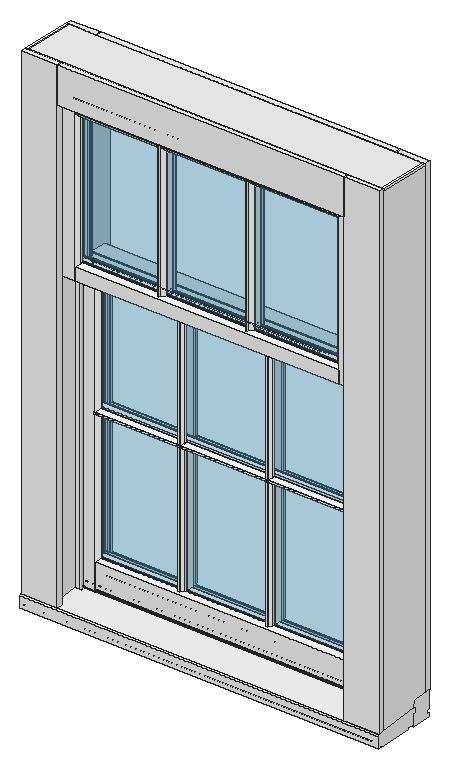
Revit family "B1-36", category Generic Models, Revit 2012
Parameters (values of type "Window Sill drawing")
  Width = 1600 mm
  Height = 1250 mm
  GlazingPanelMaterial = Glass
  Floor Material = White
Reference planes
  plane 1 "Center (Front/Back)": y = 0
  plane 2: z = 0
  plane 3 "Center (Left/Right)": x = 104
  plane 4: z = 1397
  plane 5: x = -800
  plane 6: y = -21.25
  plane 7: y = 152.75
  plane 8: x = -669
  plane 9: y = -21.25
  plane 10: z = 901.52
  plane 11: z = 857.52
  plane 12: z = 1297
  plane 13: z = 1311
  plane 14: z = 33
  plane 15: z = 1315
  plane 16: z = 68
  plane 17: x = 204
  plane 18: x = -431.5
  plane 19: x = -184.921
  plane 20: z = -98.018
  plane 21: y = 110
  plane 22: y = 110
  plane 23: y = 110
  plane 24: y = 110
  plane 25: y = 110
  plane 26: y = 110
  plane 27: x = -699.921
  plane 28: x = 73
  plane 29: x = 718
  plane 30: z = 1397
  plane 31: y = 110
  plane 32: y = 110
  plane 33: y = 110
  plane 34: z = 484
  plane 35: z = 1266.938
Forms (mm)
  Extrusion 1, solid, material "White" <- "Floor Material"
    sketch origin (250, 0, 589.815) x (0, 1, 0) y (0, 0, 1)
      loop
        arc (117, 270.705) -> (122.657, 273.048) -> (125, 278.705) r 8
        line (125, 278.705) -> (128, 278.705) -> (128, 283.705) -> (109, 283.705) -> (109, 271.705) -> (112, 271.705) -> (113, 267.705) -> (117, 267.705) -> (117, 270.705)
      loop
        line (105, 279.705) -> (89, 279.705) -> (89, 269.705) -> (105, 269.705) -> (105, 279.705)
      loop
        line (60, 267.705) -> (60, 292.705) -> (54, 292.705) -> (54, 295.705) -> (12, 295.705) -> (12, 311.705) -> (10, 311.705) -> (0, 301.705) -> (0, 267.705) -> (30.175, 267.705) -> (60, 267.705)
      loop
        line (34, 309.705) -> (18, 309.705) -> (18, 299.705) -> (34, 299.705) -> (34, 309.705)
      loop
        arc (55.288, 295.324) -> (54.288, 294.324) -> (55.288, 293.324) r 1
        line (55.288, 293.324) -> (62.788, 293.324) -> (62.788, 297.293) -> (64.844, 294.482)
        arc (64.844, 294.482) -> (66.157, 294.583) -> (66.259, 295.896) r 1.012
        line (66.259, 295.896) -> (63.273, 299.978)
        arc (63.273, 299.978) -> (61.783, 300.502) -> (60.758, 299.3) r 1.396
        line (60.758, 299.3) -> (60.758, 295.324) -> (55.288, 295.324)
    from -917.922 to -178.078
  Extrusion 2, solid, material "White" <- "Floor Material"
    sketch origin (1015, 13.291, 537.009) x (0, 1, 0) y (0, 0, 1)
      loop
        line (69.709, 336.511) -> (96.209, 336.511) -> (96.209, 364.511) -> (50.709, 364.511) -> (50.709, 359.511) -> (52.709, 349.511) -> (57.709, 349.511) -> (57.709, 339.968) -> (63.93, 339.968) -> (63.93, 336.511) -> (57.709, 336.511) -> (57.709, 320.511) -> (69.709, 320.511) -> (69.709, 336.511)
      loop
        line (53.709, 320.511) -> (53.709, 325.511) -> (51.709, 335.511) -> (46.709, 335.511) -> (46.709, 320.511) -> (53.709, 320.511)
      loop
        line (46.709, 364.511) -> (28.709, 364.511) -> (27.709, 360.511) -> (24.709, 360.511) -> (24.709, 348.511) -> (46.709, 348.511) -> (46.709, 364.511)
      loop
        arc (62.654, 337.524) -> (63.654, 338.524) -> (62.654, 339.524) r 1
        line (62.654, 339.524) -> (55.154, 339.524) -> (55.154, 335.554) -> (53.097, 338.366)
        arc (53.097, 338.366) -> (51.784, 338.265) -> (51.683, 336.952) r 1.012
        line (51.683, 336.952) -> (54.669, 332.87)
        arc (54.669, 332.87) -> (56.159, 332.346) -> (57.183, 333.548) r 1.396
        line (57.183, 333.548) -> (57.183, 337.524) -> (62.654, 337.524)
    from -1688.922 to -942
  Extrusion 3, solid, material "White" <- "Floor Material"
    sketch origin (865, 123.171, 550.733) x (0, 1, 0) y (0, 0, 1)
      loop
        line (-14.171, 306.296) -> (-10.171, 306.787) -> (-11.171, 310.787) -> (-14.171, 310.787) -> (-14.171, 306.296)
      loop
        line (-38.171, 306.542) -> (-38.171, 309.542) -> (-40.171, 309.787) -> (-40.171, 306.787) -> (-38.171, 306.542)
      loop
        line (-85.171, 351.278) -> (-85.171, 346.787) -> (-82.171, 346.787) -> (-81.171, 350.787) -> (-85.171, 351.278)
      loop
        line (-111.171, 347.787) -> (-109.171, 348.033) -> (-109.171, 351.033) -> (-111.171, 350.787) -> (-111.171, 347.787)
    from -1534 to -792
  Extrusion 4, solid, material "Glass" <- "GlazingPanelMaterial"
    sketch origin (150, 64.106, 220.533) x (0, 1, 0) y (0, 0, 1)
      loop
        line (44.88, -103.528) -> (44.88, 652.987) -> (40.88, 652.987) -> (40.88, -103.528) -> (44.88, -103.528)
      loop
        line (24.88, 652.987) -> (20.88, 652.987) -> (20.88, -103.528) -> (24.88, -103.528) -> (24.88, 652.987)
    from -819 to -88.078
  Extrusion 5, solid, material "White" <- "Floor Material"
    sketch origin (761.418, 125.498, 896.719) x (0, -0.121869, -0.992546) y (0, 0.992546, -0.121869)
      loop
        line (28.327, -57.65) -> (23.969, -54.354)
        arc (23.969, -54.354) -> (22.506, -54.612) -> (22.765, -56.075) r 1.05
        line (22.765, -56.075) -> (26.332, -58.837)
        arc (26.332, -58.837) -> (26.584, -59.776) -> (25.835, -60.396) r 0.9
        line (25.835, -60.396) -> (19.693, -61.15)
        arc (19.693, -61.15) -> (19.162, -61.383) -> (18.989, -61.936) r 0.7
        line (18.989, -61.936) -> (19.197, -63.633) -> (19.712, -64.398) -> (20.1, -67.562) -> (19.196, -66.76) -> (19.293, -67.554) -> (20.152, -68.225) -> (20.951, -68.183) -> (23.094, -67.324) -> (22.996, -66.53) -> (20.532, -66.978) -> (20.205, -64.315)
        arc (20.205, -64.315) -> (20.389, -63.651) -> (20.989, -63.312) r 0.9
        line (20.989, -63.312) -> (28.761, -62.358)
        arc (28.761, -62.358) -> (29.205, -62.1) -> (29.324, -61.601) r 0.65
        line (29.324, -61.601) -> (28.752, -58.33)
        arc (28.752, -58.33) -> (28.631, -57.932) -> (28.327, -57.65) r 0.798
    from -1430.418 to -1181
  Extrusion 6, solid, material "White" <- "Floor Material"
    sketch origin (911.418, 126.532, 897.954) x (0, -0.121869, -0.992546) y (0, 0.992546, -0.121869)
      loop
        arc (25.38, -55.148) -> (23.778, -55.428) -> (24.057, -57.03) r 1.15
        line (24.057, -57.03) -> (27.62, -59.789)
        arc (27.62, -59.789) -> (27.84, -60.623) -> (27.175, -61.172) r 0.8
        line (27.175, -61.172) -> (20.939, -61.931)
        arc (20.939, -61.931) -> (20.405, -62.232) -> (20.241, -62.823) r 0.8
        line (20.241, -62.823) -> (20.45, -64.52) -> (20.968, -65.312) -> (21.339, -68.337) -> (20.548, -67.635) -> (20.645, -68.429) -> (21.504, -69.1) -> (22.303, -69.058) -> (24.446, -68.2) -> (24.348, -67.406) -> (21.983, -67.835) -> (21.657, -65.178)
        arc (21.657, -65.178) -> (21.82, -64.588) -> (22.353, -64.287) r 0.8
        line (22.353, -64.287) -> (30.127, -63.332)
        arc (30.127, -63.332) -> (30.638, -63.034) -> (30.774, -62.459) r 0.75
        line (30.774, -62.459) -> (30.244, -59.424)
        arc (30.244, -59.424) -> (30.154, -58.918) -> (29.833, -58.516) r 1.042
        line (29.833, -58.516) -> (25.38, -55.148)
    from -1580.418 to -1331
  Extrusion 7, solid, material "White" <- "Floor Material"
    sketch origin (861.418, 121.497, 909.598) x (0, -0.121869, -0.992546) y (0, 0.992546, -0.121869)
      loop
        line (37.899, -55.316) -> (32.161, -55.997)
        arc (32.161, -55.997) -> (31.827, -56.184) -> (31.724, -56.554) r 0.5
        line (31.724, -56.554) -> (32.395, -62.021) -> (31.491, -61.219) -> (31.588, -62.013) -> (32.447, -62.684) -> (33.246, -62.642) -> (35.389, -61.784) -> (35.291, -60.989) -> (32.827, -61.437) -> (32.285, -57.019)
        arc (32.285, -57.019) -> (32.428, -56.659) -> (32.772, -56.479) r 0.558
        line (32.772, -56.479) -> (37.96, -55.818)
        arc (37.96, -55.818) -> (38.179, -55.536) -> (37.899, -55.316) r 0.253
    from -1530.418 to -788.418
  Extrusion 8, solid, material "White" <- "Floor Material"
    sketch origin (-78.582, 5.502, 862.603) x (0, 0.121869, 0.992546) y (0, -0.992546, 0.121869)
      loop
        line (28.327, -57.65) -> (23.969, -54.354)
        arc (23.969, -54.354) -> (22.506, -54.612) -> (22.765, -56.075) r 1.05
        line (22.765, -56.075) -> (26.332, -58.837)
        arc (26.332, -58.837) -> (26.584, -59.776) -> (25.835, -60.396) r 0.9
        line (25.835, -60.396) -> (19.693, -61.15)
        arc (19.693, -61.15) -> (19.162, -61.383) -> (18.989, -61.936) r 0.7
        line (18.989, -61.936) -> (19.197, -63.633) -> (19.712, -64.398) -> (20.1, -67.562) -> (19.196, -66.76) -> (19.293, -67.554) -> (20.152, -68.225) -> (20.951, -68.183) -> (23.094, -67.324) -> (22.996, -66.53) -> (20.532, -66.978) -> (20.205, -64.315)
        arc (20.205, -64.315) -> (20.389, -63.651) -> (20.989, -63.312) r 0.9
        line (20.989, -63.312) -> (28.761, -62.358)
        arc (28.761, -62.358) -> (29.205, -62.1) -> (29.324, -61.601) r 0.65
        line (29.324, -61.601) -> (28.752, -58.33)
        arc (28.752, -58.33) -> (28.631, -57.932) -> (28.327, -57.65) r 0.798
    from -590.418 to 140.504
  Extrusion 9, solid, material "White" <- "Floor Material"
    sketch origin (736.418, 9.503, 849.725) x (0, 0.121869, 0.992546) y (0, -0.992546, 0.121869)
      loop
        line (37.899, -55.316) -> (32.161, -55.997)
        arc (32.161, -55.997) -> (31.827, -56.184) -> (31.724, -56.554) r 0.5
        line (31.724, -56.554) -> (32.395, -62.021) -> (31.491, -61.219) -> (31.588, -62.013) -> (32.447, -62.684) -> (33.246, -62.642) -> (35.389, -61.784) -> (35.291, -60.989) -> (32.827, -61.437) -> (32.285, -57.019)
        arc (32.285, -57.019) -> (32.428, -56.659) -> (32.772, -56.479) r 0.558
        line (32.772, -56.479) -> (37.96, -55.818)
        arc (37.96, -55.818) -> (38.179, -55.536) -> (37.899, -55.316) r 0.253
    from -1405.418 to -674.496
  Extrusion 10, solid, material "White" <- "Floor Material"
    sketch origin (815, 0, 589.815) x (0, 1, 0) y (0, 0, 1)
      loop
        line (38, 299.705) -> (12, 299.705) -> (12, 295.705) -> (38, 295.705) -> (38, 299.705)
      loop
        line (109, 283.705) -> (83, 283.705) -> (83, 279.705) -> (109, 279.705) -> (109, 283.705)
    from -1484 to -1234.582
  Extrusion 11, solid, not visible
    sketch origin (0, 0, 9.375) x (0, 1, 0) y (0, 0, 1)
      loop
        line (94.662, 311.911) -> (94.314, 312.868) -> (95.314, 312.868) -> (93.454, 317.977) -> (86.115, 317.977) -> (85.011, 317.575) -> (64.143, 317.575) -> (64.143, 311.911) -> (94.662, 311.911)
    from 0 to 250
  Extrusion 12, solid, not visible
    sketch origin (0, 0, 9.375) x (0, 1, 0) y (0, 0, 1)
      loop
        line (93.688, 317.334) -> (85.92, 317.334) -> (87.101, 312.926) -> (95.293, 312.926) -> (93.688, 317.334)
      loop
        line (91.853, 322.376) -> (91.853, 328.194)
        arc (91.853, 328.194) -> (91.424, 329.231) -> (90.388, 329.66) r 1.465
        line (90.388, 329.66) -> (71.853, 329.66) -> (71.853, 322.376) -> (91.853, 322.376)
      loop
        line (73.373, 320.598) -> (64.143, 320.598) -> (64.143, 317.575) -> (73.373, 317.575) -> (73.373, 320.598)
      loop
        line (61.169, 311.884) -> (61.169, 316.884) -> (56.169, 316.884)
        arc (56.169, 316.884) -> (53.926, 317.813) -> (52.996, 320.057) r 3.173
        line (52.996, 320.057) -> (52.996, 327.594)
        arc (52.996, 327.594) -> (53.247, 329.284) -> (54.656, 330.25) r 2.138
        line (54.656, 330.25) -> (56.493, 330.25)
        arc (56.493, 330.25) -> (57.939, 329.727) -> (58.925, 328.548) r 2.95
        line (58.925, 328.548) -> (59.306, 324.922) -> (61.24, 324.922) -> (60.612, 330.901)
        arc (60.612, 330.901) -> (59.723, 332.646) -> (57.894, 333.348) r 2.733
        line (57.894, 333.348) -> (52.423, 333.348)
        arc (52.423, 333.348) -> (50.164, 330.795) -> (49.999, 327.391) r 5.139
        line (49.999, 327.391) -> (47.957, 316.884)
        arc (47.957, 316.884) -> (49.179, 314.507) -> (49.698, 311.884) r 9.583
        line (49.698, 311.884) -> (61.169, 311.884)
    from 0 to 250
  Extrusion 13, solid, material "White" <- "Floor Material"
    sketch origin (50, -21.25, 1013.188) x (0, 1, 0) y (0, 0, 1)
      loop
        line (78.5, 268.749) -> (59.5, 268.749) -> (59.5, 256.749) -> (62.5, 256.749) -> (63.5, 252.749) -> (67.5, 252.749) -> (67.5, 255.749)
        arc (67.5, 255.749) -> (73.157, 258.092) -> (75.5, 263.749) r 8
        line (75.5, 263.749) -> (78.5, 263.749) -> (78.5, 268.749)
      loop
        line (67.534, 317.378) -> (63.288, 313.116) -> (63.101, 309.432)
        arc (63.101, 309.432) -> (63.279, 308.951) -> (63.75, 308.749) r 0.65
        line (63.75, 308.749) -> (71.582, 308.749)
        arc (71.582, 308.749) -> (72.219, 308.486) -> (72.482, 307.849) r 0.9
        line (72.482, 307.849) -> (72.482, 305.266) -> (69.639, 305.266) -> (69.639, 304.437) -> (70.5, 304.437) -> (72.582, 304.032) -> (73.5, 304.437) -> (73.5, 308.749) -> (73.4, 310.459)
        arc (73.4, 310.459) -> (73.16, 310.987) -> (72.605, 311.153) r 0.7
        line (72.605, 311.153) -> (66.417, 311.153)
        arc (66.417, 311.153) -> (65.695, 311.514) -> (65.553, 312.309) r 0.9
        line (65.553, 312.309) -> (68.938, 315.817)
        arc (68.938, 315.817) -> (69.016, 317.299) -> (67.534, 317.378) r 1.05
    from -719 to 23
  Extrusion 14, solid, material "White" <- "Floor Material"
    sketch origin (50, -21.25, 1002.251) x (0, 1, 0) y (0, 0, 1)
      loop
        line (154, 344.749) -> (154, 388.749) -> (20, 388.749) -> (20, 344.749) -> (154, 344.749)
    from -749.921 to 54
  Extrusion 15, solid, material "Glass" <- "GlazingPanelMaterial"
    sketch origin (0, -6.957, 1128.493) x (0, 1, 0) y (0, 0, 1)
      loop
        line (45.207, -226.973) -> (45.207, 138.507) -> (41.207, 138.507) -> (41.207, -226.973) -> (45.207, -226.973)
      loop
        line (24.957, 138.507) -> (20.957, 138.507) -> (20.957, -226.973) -> (24.957, -226.973) -> (24.957, 138.507)
    from -669 to 61.922
  Extrusion 16, solid, material "White" <- "Floor Material"
    sketch origin (-72.332, 95.318, 1434.485) x (0, 1, 0) y (0, 0, 1)
      loop
        line (-97.368, -115.408) -> (-98.782, -115.408) -> (-98.782, -120.691) -> (-97.368, -120.691) -> (-97.368, -119.602) -> (-97.368, -116.493) -> (-97.368, -115.408)
    from -596.668 to -347.25
  Extrusion 17, solid, material "White" <- "Floor Material"
    sketch origin (50, -21.25, 1013.188) x (0, 1, 0) y (0, 0, 1)
      loop
        line (17, 304.499) -> (13, 304.499) -> (13, 301.999) -> (17, 301.999) -> (17, 299.749) -> (20, 299.749) -> (20, 301.694) -> (19.2, 301.694) -> (19.2, 300.606) -> (17.786, 300.606) -> (17.786, 305.893) -> (19.2, 305.893) -> (19.2, 304.804) -> (20, 304.804) -> (20, 306.749) -> (17, 306.749) -> (17, 304.499)
    from -719 to 23
  Extrusion 18, solid, material "White" <- "Floor Material"
    sketch origin (50, -21.25, 1013.188) x (0, 1, 0) y (0, 0, 1)
      loop
        line (23.862, 300.393) -> (23.862, 306.074)
        spline (23.862, 306.074) -> (23.6, 305.683) -> (23.284, 305.425) -> (22.922, 305.27) -> (22.524, 305.189) -> (22.101, 305.153) -> (21.66, 305.133) -> (21.213, 305.1) -> (20.767, 305.024) -> (20.334, 304.876) -> (19.922, 304.627) -> (19.541, 304.248) -> (19.2, 303.71)
        line (19.2, 303.71) -> (19.2, 302.476)
        spline (19.2, 302.476) -> (19.558, 301.967) -> (19.948, 301.615) -> (20.362, 301.392) -> (20.792, 301.269) -> (21.23, 301.216) -> (21.669, 301.205) -> (22.099, 301.206) -> (22.515, 301.191) -> (22.906, 301.132) -> (23.267, 300.998) -> (23.588, 300.761) -> (23.862, 300.393)
    from -719 to -224
  Extrusion 19, solid, material "White" <- "Floor Material"
    sketch origin (-22.332, 36.182, 1434.485) x (0, -1, 0) y (0, 0, -1)
      loop
        line (-97.368, 115.408) -> (-97.368, 116.493) -> (-97.368, 119.602) -> (-97.368, 120.691) -> (-98.782, 120.691) -> (-98.782, 115.408) -> (-97.368, 115.408)
    from -695.605 to 95.332
  Extrusion 20, solid, material "White" <- "Floor Material"
    sketch origin (25, 152.75, 1013.188) x (0, -1, 0) y (0, 0, -1)
      loop
        spline (23.862, -300.393) -> (23.588, -300.761) -> (23.267, -300.998) -> (22.906, -301.132) -> (22.515, -301.191) -> (22.099, -301.206) -> (21.669, -301.205) -> (21.23, -301.216) -> (20.792, -301.269) -> (20.362, -301.392) -> (19.948, -301.615) -> (19.558, -301.967) -> (19.2, -302.476)
        line (19.2, -302.476) -> (19.2, -303.71)
        spline (19.2, -303.71) -> (19.541, -304.248) -> (19.922, -304.627) -> (20.334, -304.876) -> (20.767, -305.024) -> (21.213, -305.1) -> (21.66, -305.133) -> (22.101, -305.153) -> (22.524, -305.189) -> (22.922, -305.27) -> (23.284, -305.425) -> (23.6, -305.683) -> (23.862, -306.074)
        line (23.862, -306.074) -> (23.862, -300.393)
    from -694 to -444.582
  Extrusion 21, solid, material "White" <- "Floor Material"
    sketch origin (50, 234.566, 1129.409) x (0, 1, 0) y (0, 0, 1)
      loop
        line (-222.316, 137.529) -> (-220.566, 137.744) -> (-220.566, 140.529) -> (-222.316, 140.529) -> (-222.316, 137.529)
      loop
        line (-193.316, 140.529) -> (-196.316, 140.529) -> (-196.316, 136.529) -> (-192.316, 136.529) -> (-193.316, 140.529)
    from -719 to -469.582
  Extrusion 22, solid, material "White" <- "Floor Material"
    sketch origin (50, -21.25, 1002.251) x (0, 1, 0) y (0, 0, 1)
      loop
        line (174, 312.749) -> (174, 388.749) -> (20, 388.749) -> (20, 329.749) -> (15, 329.749) -> (15, 321.749) -> (20, 321.749) -> (20, 312.749) -> (83, 312.749) -> (83, 319.749) -> (91, 319.749) -> (91, 312.749) -> (174, 312.749)
    from -767.938 to 54
  Extrusion 23, solid, material "White" <- "Floor Material"
    sketch origin (-172.332, 69.685, -12.907) x (0, -1, 0) y (0, 0, -1)
      loop
        line (-28.815, -17.907) -> (-28.815, -45.907) -> (-33.815, -45.907) -> (-33.815, -60.907) -> (-28.815, -60.907) -> (92.551, -46.005)
        arc (92.551, -46.005) -> (94.432, -45.015) -> (95.185, -43.027) r 3
        line (95.185, -43.027) -> (95.185, -12.907) -> (90.185, -12.907) -> (90.185, -14.907)
        arc (90.185, -14.907) -> (87.185, -17.907) -> (84.185, -14.907) r 3
        line (84.185, -14.907) -> (84.185, -12.907) -> (-8.815, -12.907) -> (-8.815, -17.907) -> (-28.815, -17.907)
    from -627.668 to 376.332
  Extrusion 24, solid, material "White" <- "Floor Material"
    sketch origin (-172.332, 69.685, 0) x (0, -1, 0) y (0, 0, -1)
      loop
        line (-82.815, 0) -> (-82.815, -10) -> (-72.815, -10) -> (-72.815, -20) -> (-82.815, -20) -> (-82.815, -68) -> (-62.815, -68) -> (-28.815, -63.825) -> (-28.815, -58.913)
        arc (-28.815, -58.913) -> (-31.815, -55.913) -> (-28.815, -52.913) r 3
        line (-28.815, -52.913) -> (-28.815, -48) -> (-33.815, -48) -> (-33.815, -33) -> (-28.815, -33) -> (-28.815, 0) -> (-82.815, 0)
    from -627.668 to 376.332
  Extrusion 25, solid, material "White" <- "Floor Material"
    sketch origin (-172.332, 75.723, -26.266) x (0, -1, 0) y (0, 0, -1)
      loop
        line (-6.277, -76.621) -> (-17.277, -77.972) -> (-17.277, -99.936) -> (-21.277, -99.936) -> (-21.277, -139.271) -> (-7.277, -139.271) -> (-7.277, -155.271) -> (-5.277, -155.271) -> (4.723, -145.271) -> (4.723, -77.246)
        arc (4.723, -77.246) -> (3.711, -74.999) -> (1.357, -74.268) r 3
        line (1.357, -74.268) -> (-3.277, -74.837) -> (-3.277, -82.253) -> (-6.277, -82.253) -> (-6.277, -76.621)
      loop
        line (-55.277, -139.271) -> (-29.277, -139.271) -> (-29.277, -99.936) -> (-33.277, -99.936) -> (-33.277, -94.936) -> (-44.277, -96.287) -> (-44.277, -102.287) -> (-47.277, -102.287) -> (-47.277, -96.655) -> (-52.643, -97.314)
        arc (-52.643, -97.314) -> (-54.524, -98.304) -> (-55.277, -100.292) r 3
        line (-55.277, -100.292) -> (-55.277, -139.271)
    from -495.589 to 244.332
  Extrusion 26, solid, material "White" <- "Floor Material"
    sketch origin (-172.332, 36.806, -33.552) x (0, -1, 0) y (0, 0, -1)
      loop
        line (-97.22, -108.207) -> (-97.22, -106.552) -> (-98.72, -106.552) -> (-98.72, -111.552) -> (-97.22, -111.552) -> (-97.22, -109.898)
        spline (-97.22, -109.898) -> (-96.846, -110.536) -> (-96.419, -110.991) -> (-95.951, -111.297) -> (-95.454, -111.486) -> (-94.941, -111.593) -> (-94.423, -111.65) -> (-93.912, -111.691) -> (-93.422, -111.75) -> (-92.964, -111.859) -> (-92.55, -112.054) -> (-92.193, -112.366) -> (-91.905, -112.83)
        line (-91.905, -112.83) -> (-91.905, -105.274)
        spline (-91.905, -105.274) -> (-92.193, -105.738) -> (-92.55, -106.051) -> (-92.964, -106.245) -> (-93.422, -106.355) -> (-93.912, -106.414) -> (-94.423, -106.455) -> (-94.941, -106.512) -> (-95.454, -106.619) -> (-95.951, -106.808) -> (-96.419, -107.113) -> (-96.846, -107.569) -> (-97.22, -108.207)
    from -496.668 to 244.332
  Extrusion 27, solid, material "White" <- "Floor Material"
    sketch origin (-172.332, 73.367, -7.569) x (0, -1, 0) y (0, 0, -1)
      loop
        line (-54.633, -125.574) -> (-51.633, -125.574)
        arc (-51.633, -125.574) -> (-49.289, -131.23) -> (-43.633, -133.574) r 8
        line (-43.633, -133.574) -> (-43.633, -136.574) -> (-39.633, -136.574) -> (-38.633, -132.574) -> (-35.633, -132.574) -> (-35.633, -120.574) -> (-54.633, -120.574) -> (-54.633, -125.574)
    from -496.668 to 244.332
  Extrusion 28, solid, material "White" <- "Floor Material"
    sketch origin (-172.332, 69.685, 0) x (0, -1, 0) y (0, 0, -1)
      loop
        line (-39.315, -113.004) -> (-39.315, -117.004) -> (-15.315, -117.004) -> (-15.315, -126.25) -> (-13.315, -126.004) -> (-13.315, -113.004) -> (-39.315, -113.004)
    from -496.668 to 244.332
  Extrusion 29, solid, material "White" <- "Floor Material"
    sketch origin (-153.582, 101.098, -13.29) x (0, -1, 0) y (0, 0, -1)
      loop
        line (28.327, -57.65) -> (23.969, -54.354)
        arc (23.969, -54.354) -> (22.506, -54.612) -> (22.765, -56.075) r 1.05
        line (22.765, -56.075) -> (26.332, -58.837)
        arc (26.332, -58.837) -> (26.584, -59.776) -> (25.835, -60.396) r 0.9
        line (25.835, -60.396) -> (19.693, -61.15)
        arc (19.693, -61.15) -> (19.162, -61.383) -> (18.989, -61.936) r 0.7
        line (18.989, -61.936) -> (19.197, -63.633) -> (19.712, -64.398) -> (20.1, -67.562) -> (19.196, -66.76) -> (19.293, -67.554) -> (20.152, -68.225) -> (20.951, -68.183) -> (23.094, -67.324) -> (22.996, -66.53) -> (20.532, -66.978) -> (20.205, -64.315)
        arc (20.205, -64.315) -> (20.389, -63.651) -> (20.989, -63.312) r 0.9
        line (20.989, -63.312) -> (28.761, -62.358)
        arc (28.761, -62.358) -> (29.205, -62.1) -> (29.324, -61.601) r 0.65
        line (29.324, -61.601) -> (28.752, -58.33)
        arc (28.752, -58.33) -> (28.631, -57.932) -> (28.327, -57.65) r 0.798
    from -551.339 to 257.582
  Extrusion 30, solid, material "White" <- "Floor Material"
    sketch origin (-153.582, 113.393, -7.749) x (0, -1, 0) y (0, 0, -1)
      loop
        line (37.899, -55.316) -> (32.161, -55.997)
        arc (32.161, -55.997) -> (31.827, -56.184) -> (31.724, -56.554) r 0.5
        line (31.724, -56.554) -> (32.395, -62.021) -> (31.491, -61.219) -> (31.588, -62.013) -> (32.447, -62.684) -> (33.246, -62.642) -> (35.389, -61.784) -> (35.291, -60.989) -> (32.827, -61.437) -> (32.285, -57.019)
        arc (32.285, -57.019) -> (32.428, -56.659) -> (32.772, -56.479) r 0.558
        line (32.772, -56.479) -> (37.96, -55.818)
        arc (37.96, -55.818) -> (38.179, -55.536) -> (37.899, -55.316) r 0.253
    from -515.418 to 225.582
  Extrusion 31, solid, material "White" <- "Floor Material"
    sketch origin (-172.332, 69.685, 0) x (0, -1, 0) y (0, 0, -1)
      loop
        line (-35.315, -127.004) -> (-19.315, -127.004) -> (-19.315, -117.004) -> (-35.315, -117.004) -> (-35.315, -127.004)
    from -496.668 to 244.332
  Extrusion 32, solid, material "White" <- "Floor Material"
    sketch origin (-153.582, 142.098, 6.744) x (0, -1, 0) y (0, 0, -1)
      loop
        line (28.327, -57.65) -> (23.969, -54.354)
        arc (23.969, -54.354) -> (22.506, -54.612) -> (22.765, -56.075) r 1.05
        line (22.765, -56.075) -> (26.332, -58.837)
        arc (26.332, -58.837) -> (26.584, -59.776) -> (25.835, -60.396) r 0.9
        line (25.835, -60.396) -> (19.693, -61.15)
        arc (19.693, -61.15) -> (19.162, -61.383) -> (18.989, -61.936) r 0.7
        line (18.989, -61.936) -> (19.197, -63.633) -> (19.712, -64.398) -> (20.1, -67.562) -> (19.196, -66.76) -> (19.293, -67.554) -> (20.152, -68.225) -> (20.951, -68.183) -> (23.094, -67.324) -> (22.996, -66.53) -> (20.532, -66.978) -> (20.205, -64.315)
        arc (20.205, -64.315) -> (20.389, -63.651) -> (20.989, -63.312) r 0.9
        line (20.989, -63.312) -> (28.761, -62.358)
        arc (28.761, -62.358) -> (29.205, -62.1) -> (29.324, -61.601) r 0.65
        line (29.324, -61.601) -> (28.752, -58.33)
        arc (28.752, -58.33) -> (28.631, -57.932) -> (28.327, -57.65) r 0.798
    from -515.418 to 225.582
  Extrusion 33, solid, material "White" <- "Floor Material"
    sketch origin (-153.582, 143.45, 5.869) x (0, -1, 0) y (0, 0, -1)
      loop
        arc (25.38, -55.148) -> (23.778, -55.428) -> (24.057, -57.03) r 1.15
        line (24.057, -57.03) -> (27.62, -59.789)
        arc (27.62, -59.789) -> (27.84, -60.623) -> (27.175, -61.172) r 0.8
        line (27.175, -61.172) -> (20.939, -61.931)
        arc (20.939, -61.931) -> (20.405, -62.232) -> (20.241, -62.823) r 0.8
        line (20.241, -62.823) -> (20.45, -64.52) -> (20.968, -65.312) -> (21.339, -68.337) -> (20.548, -67.635) -> (20.645, -68.429) -> (21.504, -69.1) -> (22.303, -69.058) -> (24.446, -68.2) -> (24.348, -67.406) -> (21.983, -67.835) -> (21.657, -65.178)
        arc (21.657, -65.178) -> (21.82, -64.588) -> (22.353, -64.287) r 0.8
        line (22.353, -64.287) -> (30.127, -63.332)
        arc (30.127, -63.332) -> (30.638, -63.034) -> (30.774, -62.459) r 0.75
        line (30.774, -62.459) -> (30.244, -59.424)
        arc (30.244, -59.424) -> (30.154, -58.918) -> (29.833, -58.516) r 1.042
        line (29.833, -58.516) -> (25.38, -55.148)
    from -515.418 to 225.582
  Extrusion 34, solid, material "White" <- "Floor Material"
    sketch origin (-153.582, 154.393, 12.285) x (0, -1, 0) y (0, 0, -1)
      loop
        line (37.899, -55.316) -> (32.161, -55.997)
        arc (32.161, -55.997) -> (31.827, -56.184) -> (31.724, -56.554) r 0.5
        line (31.724, -56.554) -> (32.395, -62.021) -> (31.491, -61.219) -> (31.588, -62.013) -> (32.447, -62.684) -> (33.246, -62.642) -> (35.389, -61.784) -> (35.291, -60.989) -> (32.827, -61.437) -> (32.285, -57.019)
        arc (32.285, -57.019) -> (32.428, -56.659) -> (32.772, -56.479) r 0.558
        line (32.772, -56.479) -> (37.96, -55.818)
        arc (37.96, -55.818) -> (38.179, -55.536) -> (37.899, -55.316) r 0.253
    from -515.418 to 225.582
  Extrusion 35, solid, material "White" <- "Floor Material"
    sketch origin (-172.332, 69.685, 0) x (0, -1, 0) y (0, 0, -1)
      loop
        line (-39.315, -129.495) -> (-39.315, -125.004) -> (-42.315, -125.004) -> (-43.315, -129.004) -> (-39.315, -129.495)
      loop
        line (-15.315, -129.25) -> (-13.315, -129.004) -> (-13.315, -126.004) -> (-15.315, -126.25) -> (-15.315, -129.25)
    from -496.668 to 244.332
  Extrusion 36, solid, material "White" <- "Floor Material"
    sketch origin (-511.418, -643.153, 0) x (1, 0, 0) y (0, 1, 0)
      loop
        line (-280.004, 695.902) -> (-280.004, 650.902) -> (-235.004, 650.902) -> (-235.004, 695.902) -> (-280.004, 695.902)
      loop
        circle (-257.504, 673.402) r 3.5
      loop
        circle (-257.504, 744.402) r 3.5
      loop
        line (-235.004, 766.902) -> (-280.004, 766.902) -> (-280.004, 721.902) -> (-235.004, 721.902) -> (-235.004, 766.902)
      loop
        line (-281.504, 707.402) -> (-233.504, 707.402) -> (-233.504, 710.402) -> (-281.504, 710.402) -> (-281.504, 707.402)
      loop
        line (-206.504, 712.902) -> (-213.504, 712.902) -> (-213.504, 704.902) -> (-192.504, 704.902)
        arc (-192.504, 704.902) -> (-188.504, 708.902) -> (-192.504, 712.902) r 4
        line (-192.504, 712.902) -> (-206.504, 712.902)
    from 33 to 1318.455
  Extrusion 37, solid, material "White" <- "Floor Material"
    sketch origin (-511.434, -643.965, 0) x (1, 0, 0) y (0, 1, 0)
      loop
        line (-209.504, 752.402) -> (-254.504, 752.402) -> (-254.504, 736.402) -> (-209.504, 736.402) -> (-209.504, 729.902) -> (-206.504, 729.902) -> (-206.504, 758.902) -> (-209.504, 758.902) -> (-209.504, 752.402)
      loop
        line (-254.504, 681.402) -> (-254.504, 665.402) -> (-209.504, 665.402) -> (-209.504, 658.902) -> (-206.504, 658.902) -> (-206.504, 687.902) -> (-209.504, 687.902) -> (-209.504, 681.402) -> (-254.504, 681.402)
    from 33 to 923.04
  Extrusion 38, solid, material "White" <- "Floor Material"
    sketch origin (-511.418, -571.902, -672) x (1, 0, 0) y (0, 1, 0)
      loop
        line (-156.504, 643.402) -> (-146.504, 653.402) -> (-146.504, 655.402) -> (-162.504, 655.402) -> (-162.504, 703.402) -> (-199.504, 703.402)
        arc (-199.504, 703.402) -> (-201.625, 702.524) -> (-202.504, 700.402) r 3
        line (-202.504, 700.402) -> (-202.504, 679.402) -> (-196.504, 679.402) -> (-196.504, 667.402) -> (-202.504, 667.402) -> (-202.504, 654.402) -> (-196.504, 654.402) -> (-196.504, 651.402) -> (-202.504, 651.402) -> (-202.504, 646.402)
        arc (-202.504, 646.402) -> (-201.625, 644.281) -> (-199.504, 643.402) r 3
        line (-199.504, 643.402) -> (-156.504, 643.402)
    from 717.039 to 1545.52
  Extrusion 39, solid, material "White" <- "Floor Material"
    sketch origin (-511.418, -571.902, -672) x (1, 0, 0) y (0, 1, 0)
      loop
        line (-162.504, 700.402) -> (-162.504, 681.402) -> (-150.504, 681.402) -> (-150.504, 684.402) -> (-146.504, 685.402) -> (-146.504, 689.402) -> (-149.504, 689.402)
        arc (-149.504, 689.402) -> (-151.847, 695.059) -> (-157.504, 697.402) r 8
        line (-157.504, 697.402) -> (-157.504, 700.402) -> (-162.504, 700.402)
    from 705 to 1540.52
  Extrusion 40, solid, not visible
    sketch origin (-848.022, -244.537, 0) x (1, 0, 0) y (0, 1, 0)
      loop
        line (-156.504, 643.402) -> (-146.504, 653.402) -> (-146.504, 655.402) -> (-162.504, 655.402) -> (-162.504, 703.402) -> (-199.504, 703.402)
        arc (-199.504, 703.402) -> (-201.625, 702.524) -> (-202.504, 700.402) r 3
        line (-202.504, 700.402) -> (-202.504, 695.402) -> (-196.504, 695.402) -> (-196.504, 692.402) -> (-202.504, 692.402) -> (-202.504, 679.402) -> (-196.504, 679.402) -> (-196.504, 667.402) -> (-202.504, 667.402) -> (-202.504, 646.402)
        arc (-202.504, 646.402) -> (-201.625, 644.281) -> (-199.504, 643.402) r 3
        line (-199.504, 643.402) -> (-156.504, 643.402)
    from 672 to 1294
  Extrusion 41, solid, not visible
    sketch origin (-848.022, -244.537, 0) x (1, 0, 0) y (0, 1, 0)
      loop
        line (-162.504, 700.402) -> (-162.504, 681.402) -> (-150.504, 681.402) -> (-150.504, 684.402) -> (-146.504, 685.402) -> (-146.504, 689.402) -> (-149.504, 689.402)
        arc (-149.504, 689.402) -> (-151.847, 695.059) -> (-157.504, 697.402) r 8
        line (-157.504, 697.402) -> (-157.504, 700.402) -> (-162.504, 700.402)
    from 672 to 1294
  Extrusion 42, solid, material "White" <- "Floor Material"
    sketch origin (-511.418, -714.403, 333.96) x (1, 0, 0) y (0, 1, 0)
      loop
        arc (-199.504, 774.402) -> (-201.625, 773.524) -> (-202.504, 771.402) r 3
        line (-202.504, 771.402) -> (-202.504, 766.402) -> (-196.504, 766.402) -> (-196.504, 763.402) -> (-202.504, 763.402) -> (-202.504, 750.402) -> (-196.504, 750.402) -> (-196.504, 738.402) -> (-202.504, 738.402) -> (-202.504, 717.402)
        arc (-202.504, 717.402) -> (-201.625, 715.281) -> (-199.504, 714.402) r 3
        line (-199.504, 714.402) -> (-156.504, 714.402) -> (-146.504, 724.402) -> (-146.504, 726.402) -> (-162.504, 726.402) -> (-162.504, 774.402) -> (-199.504, 774.402)
    from 523.56 to 977.04
  Extrusion 43, solid, material "White" <- "Floor Material"
    sketch origin (-511.418, -714.403, 288.96) x (1, 0, 0) y (0, 1, 0)
      loop
        line (-157.504, 771.402) -> (-162.504, 771.402) -> (-162.504, 752.402) -> (-150.504, 752.402) -> (-150.504, 755.402) -> (-146.504, 756.402) -> (-146.504, 760.402) -> (-149.504, 760.402)
        arc (-149.504, 760.402) -> (-151.847, 766.059) -> (-157.504, 768.402) r 8
        line (-157.504, 768.402) -> (-157.504, 771.402)
    from 610.56 to 1022.04
  Extrusion 44, solid, material "White" <- "Floor Material"
    sketch origin (-511.418, 774.897, -660) x (1, 0, 0) y (0, 1, 0)
      loop
        arc (-204.331, -687.749) -> (-207.239, -689.467) -> (-208.592, -692.561) r 5.492
        arc (-208.592, -692.561) -> (-208.577, -693.238) -> (-207.9, -693.253) r 0.49
        line (-207.9, -693.253) -> (-207.702, -692.118)
        arc (-207.702, -692.118) -> (-206.44, -689.941) -> (-204.202, -688.789) r 4.477
        arc (-204.202, -688.789) -> (-203.814, -688.735) -> (-203.578, -688.421) r 0.511
        line (-203.578, -688.421) -> (-203.578, -686.619)
        arc (-203.578, -686.619) -> (-203.274, -687.204) -> (-203.257, -687.863) r 1.462
        line (-203.257, -687.863) -> (-203.257, -695.734)
        arc (-203.257, -695.734) -> (-202.89, -696.174) -> (-202.523, -695.734) r 0.373
        line (-202.523, -695.734) -> (-202.523, -693.221) -> (-200.345, -693.221) -> (-201.733, -694.086) -> (-199.555, -694.086) -> (-198.017, -693.779) -> (-198.017, -692.744)
        arc (-198.017, -692.744) -> (-198.357, -692.518) -> (-198.75, -692.402) r 1.365
        line (-198.75, -692.402) -> (-202.504, -692.402) -> (-202.504, -686.348)
        arc (-202.504, -686.348) -> (-203.437, -685.545) -> (-204.331, -686.391) r 0.919
        line (-204.331, -686.391) -> (-204.331, -687.749)
    from 660 to 1282
  Extrusion 45, solid, material "White" <- "Floor Material"
    sketch origin (-511.418, 774.402, 313.96) x (1, 0, 0) y (0, 1, 0)
      loop
        line (-204.331, -730.055) -> (-204.331, -731.414)
        arc (-204.331, -731.414) -> (-203.437, -732.26) -> (-202.504, -731.457) r 0.919
        line (-202.504, -731.457) -> (-202.504, -725.402) -> (-198.44, -725.402)
        arc (-198.44, -725.402) -> (-197.968, -724.672) -> (-198.44, -723.941) r 0.802
        line (-198.44, -723.941) -> (-199.555, -723.719) -> (-201.729, -723.719) -> (-201.113, -724.274) -> (-200.345, -724.584) -> (-202.523, -724.584) -> (-202.523, -722.012)
        arc (-202.523, -722.012) -> (-202.923, -721.612) -> (-203.323, -722.012) r 0.4
        line (-203.323, -722.012) -> (-203.323, -731.425) -> (-203.578, -730.607) -> (-203.578, -729.384)
        arc (-203.578, -729.384) -> (-203.814, -729.07) -> (-204.202, -729.016) r 0.511
        arc (-204.202, -729.016) -> (-206.634, -727.667) -> (-207.8, -725.142) r 4.477
        arc (-207.8, -725.142) -> (-208.241, -724.845) -> (-208.592, -725.244) r 0.402
        arc (-208.592, -725.244) -> (-207.239, -728.338) -> (-204.331, -730.055) r 5.492
    from 638 to 997.04
  Extrusion 46, solid, not visible
    sketch origin (-511.418, -643.152, -230) x (1, 0, 0) y (0, 1, 0)
      loop
        line (-200.504, 641.902) -> (-200.504, 638.902) -> (-198.254, 638.902) -> (-198.254, 634.902) -> (-195.818, 634.902) -> (-195.818, 638.902) -> (-193.504, 638.902) -> (-193.504, 641.902) -> (-195.282, 641.902) -> (-195.282, 641.116) -> (-194.482, 641.116) -> (-194.482, 639.814) -> (-199.81, 639.814) -> (-199.81, 641.116) -> (-199.01, 641.116) -> (-199.01, 641.902) -> (-200.504, 641.902)
    from 230 to 852
  Extrusion 47, solid, not visible
    sketch origin (-511.418, -643.152, -140) x (1, 0, 0) y (0, 1, 0)
      loop
        line (-194.482, 639.814) -> (-194.482, 641.116) -> (-199.81, 641.116) -> (-199.81, 639.814) -> (-194.482, 639.814)
    from 140 to 762
  Extrusion 48, solid, not visible
    sketch origin (-511.418, -643.152, 0) x (1, 0, 0) y (0, 1, 0)
      loop
        spline (-199.847, 645.779) -> (-199.478, 645.505) -> (-199.241, 645.183) -> (-199.108, 644.823) -> (-199.048, 644.431) -> (-199.033, 644.016) -> (-199.035, 643.585) -> (-199.023, 643.147) -> (-198.97, 642.709) -> (-198.847, 642.279) -> (-198.624, 641.865) -> (-198.272, 641.475) -> (-197.764, 641.116)
        line (-197.764, 641.116) -> (-196.529, 641.116)
        spline (-196.529, 641.116) -> (-195.991, 641.457) -> (-195.612, 641.839) -> (-195.363, 642.251) -> (-195.215, 642.684) -> (-195.139, 643.129) -> (-195.106, 643.577) -> (-195.086, 644.017) -> (-195.05, 644.441) -> (-194.969, 644.838) -> (-194.814, 645.2) -> (-194.556, 645.517) -> (-194.166, 645.779)
        line (-194.166, 645.779) -> (-199.847, 645.779)
    from 0 to 622
  Extrusion 49, solid, material "White" <- "Floor Material"
    sketch origin (-513.129, -642.215, -140) x (1, 0, 0) y (0, 1, 0)
      loop
        line (-194.482, 777.991) -> (-199.81, 777.991) -> (-199.81, 776.688) -> (-194.482, 776.688) -> (-194.482, 777.991)
    from 140 to 762
  Extrusion 50, solid, material "White" <- "Floor Material"
    sketch origin (-513.129, -642.215, 0) x (1, 0, 0) y (0, 1, 0)
      loop
        line (-199.847, 772.026) -> (-194.166, 772.026)
        spline (-194.166, 772.026) -> (-194.556, 772.288) -> (-194.814, 772.604) -> (-194.969, 772.966) -> (-195.05, 773.364) -> (-195.086, 773.787) -> (-195.106, 774.228) -> (-195.139, 774.675) -> (-195.215, 775.121) -> (-195.363, 775.554) -> (-195.612, 775.966) -> (-195.991, 776.347) -> (-196.529, 776.688)
        line (-196.529, 776.688) -> (-197.764, 776.688)
        spline (-197.764, 776.688) -> (-198.272, 776.33) -> (-198.624, 775.94) -> (-198.847, 775.526) -> (-198.97, 775.096) -> (-199.023, 774.658) -> (-199.035, 774.219) -> (-199.033, 773.789) -> (-199.048, 773.373) -> (-199.108, 772.982) -> (-199.241, 772.621) -> (-199.478, 772.3) -> (-199.847, 772.026)
    from 0 to 622
  Extrusion 51, solid, material "White" <- "Floor Material"
    sketch origin (-509.535, 775.395, 333.96) x (1, 0, 0) y (0, 1, 0)
      loop
        line (-196.365, -777.429) -> (-197.323, -777.429) -> (-200.433, -777.429) -> (-201.693, -777.429) -> (-201.693, -778.733) -> (-196.365, -778.733) -> (-196.365, -777.429)
    from 618 to 977.04
  Extrusion 52, solid, material "White" <- "Floor Material"
    sketch origin (-509.535, 775.395, 308.96) x (1, 0, 0) y (0, 1, 0)
      loop
        spline (-201.578, -772.766) -> (-201.21, -773.041) -> (-200.973, -773.362) -> (-200.839, -773.722) -> (-200.779, -774.114) -> (-200.765, -774.529) -> (-200.766, -774.96) -> (-200.755, -775.398) -> (-200.702, -775.836) -> (-200.579, -776.266) -> (-200.356, -776.68) -> (-200.004, -777.07) -> (-199.495, -777.429)
        line (-199.495, -777.429) -> (-198.261, -777.429)
        spline (-198.261, -777.429) -> (-197.722, -777.088) -> (-197.343, -776.707) -> (-197.095, -776.295) -> (-196.947, -775.861) -> (-196.871, -775.416) -> (-196.837, -774.968) -> (-196.817, -774.528) -> (-196.782, -774.104) -> (-196.701, -773.707) -> (-196.546, -773.345) -> (-196.288, -773.028) -> (-195.897, -772.766)
        line (-195.897, -772.766) -> (-201.578, -772.766)
    from 643 to 1002.04
  Extrusion 53, solid, material "White" <- "Floor Material"
    sketch origin (-510.459, 770.224, 333.96) x (1, 0, 0) y (0, 1, 0)
      loop
        line (-201.463, -771.474) -> (-201.463, -774.474) -> (-199.213, -774.474) -> (-199.213, -778.474) -> (-196.777, -778.474) -> (-196.777, -774.474) -> (-194.463, -774.474) -> (-194.463, -771.474) -> (-196.241, -771.474) -> (-196.241, -772.26) -> (-195.441, -772.26) -> (-195.441, -773.563) -> (-200.769, -773.563) -> (-200.769, -772.26) -> (-199.969, -772.26) -> (-199.969, -771.474) -> (-201.463, -771.474)
    from 618 to 977.04
  Extrusion 54, solid, material "White" <- "Floor Material"
    sketch origin (0, 0, 367.96) x (0, 1, 0) y (0, 0, 1)
      loop
        line (-21.25, 1029.04) -> (-21.25, 929.04) -> (-1.25, 929.04) -> (-1.25, 934.04) -> (-4.25, 934.04) -> (-4.25, 937.286) -> (-5.069, 937.286) -> (-4.706, 936.29) -> (-5.702, 937.286) -> (-5.702, 936.29) -> (-6.538, 937.286) -> (-6.538, 936.29) -> (-8.25, 937.54) -> (-6.538, 938.79) -> (-6.538, 937.794) -> (-5.702, 938.79) -> (-5.702, 937.794) -> (-4.706, 938.79) -> (-5.069, 937.794) -> (-4.25, 937.794) -> (-4.25, 938.79) -> (-4.25, 941.04) -> (-1.25, 941.04) -> (-1.25, 947.04) -> (-1.25, 956.04) -> (-6.25, 956.04) -> (-6.25, 964.04) -> (-1.25, 964.04) -> (-1.25, 1023.04) -> (-6.25, 1023.04) -> (-6.25, 1029.04) -> (-21.25, 1029.04)
      loop
        line (69.75, 933.04) -> (69.75, 947.04) -> (69.75, 954.04) -> (61.75, 954.04) -> (61.75, 933.04)
        arc (61.75, 933.04) -> (65.75, 929.04) -> (69.75, 933.04) r 4
    from -699.921 to 104
  Extrusion 55, solid, material "White" <- "Floor Material"
    sketch origin (-511.418, -643.152, 0) x (1, 0, 0) y (0, 1, 0)
      loop
        line (-288.504, 795.902) -> (-288.504, 780.902) -> (-206.504, 780.902) -> (-206.504, 795.902) -> (-288.504, 795.902)
    from 68 to 1397
  Extrusion 56, solid, material "White" <- "Floor Material"
    sketch origin (-511.418, -643.152, 0) x (1, 0, 0) y (0, 1, 0)
      loop
        line (-288.504, 621.902) -> (-188.504, 621.902) -> (-188.504, 636.902) -> (-288.504, 636.902) -> (-288.504, 621.902)
    from 33 to 1397
  Extrusion 57, solid, material "White" <- "Floor Material"
    sketch origin (-421.397, 18.977, 0) x (0, 1, 0) y (0, 0, -1)
      loop
        line (118.773, -68) -> (113.523, -68) -> (79.523, -63.825) -> (79.523, -58.913)
        arc (79.523, -58.913) -> (82.523, -55.913) -> (79.523, -52.913) r 3
        line (79.523, -52.913) -> (79.523, -48) -> (-25.227, -35.138) -> (-25.227, -1397) -> (118.773, -1397) -> (118.773, -68)
    from 372.603 to 378.603
  Extrusion 58, solid, material "White" <- "Floor Material"
    sketch origin (0, 0, 373.96) x (0, 1, 0) y (0, 0, 1)
      loop
        line (137.75, 1023.04) -> (-6.25, 1023.04) -> (-6.25, 1017.04) -> (137.75, 1017.04) -> (137.75, 1023.04)
    from -793.921 to 204
  Sweep 59, solid, material "White" <- "Floor Material"
    path origin (0, -30, 0) x (1, 0, 0) y (0, 0, 1)
      loop
        line (-717.921, 1297) -> (-717.921, 68) -> (117.921, 68) -> (117.921, 1297) -> (-717.921, 1297)
    profile origin (-300, -30, 1297) x (0, 0, 1) y (0, -1, 0)
      loop
        line (-15, -162.75) -> (-15, -176.75)
        arc (-15, -176.75) -> (-9, -182.75) -> (-3, -176.75) r 6
        line (-3, -176.75) -> (0, -176.75) -> (0, -162.75) -> (-15, -162.75)
  Extrusion 60, solid, material "White" <- "Floor Material"
    sketch origin (0, 0, 367.96) x (0, 1, 0) y (0, 0, 1)
      loop
        line (132.75, 1023.04) -> (132.75, 964.04) -> (137.75, 964.04) -> (137.75, 956.04) -> (132.75, 956.04) -> (132.75, 947.04) -> (152.75, 947.04) -> (152.75, 1029.04) -> (137.75, 1029.04) -> (137.75, 1023.04) -> (132.75, 1023.04)
    from -717.938 to 121.921
  Extrusion 61, solid, material "White" <- "Floor Material"
    sketch origin (-511.417, -643.152, 0) x (1, 0, 0) y (0, 1, 0)
      loop
        line (-232.504, 775.902) -> (-232.504, 641.902) -> (-223.504, 641.902) -> (-223.504, 636.902) -> (-215.504, 636.902) -> (-215.504, 641.902) -> (-206.504, 641.902) -> (-206.504, 775.902) -> (-215.504, 775.902) -> (-215.504, 780.902) -> (-223.504, 780.902) -> (-223.504, 775.902) -> (-232.504, 775.902)
    from 0 to 1318.455
  Extrusion 62, solid, material "White" <- "Floor Material"
    sketch origin (-511.418, -571.902, -672) x (1, 0, 0) y (0, 1, 0)
      loop
        line (-162.504, 700.402) -> (-162.504, 681.402) -> (-150.504, 681.402) -> (-150.504, 684.402) -> (-146.504, 685.402) -> (-146.504, 689.402) -> (-149.504, 689.402)
        arc (-149.504, 689.402) -> (-151.847, 695.059) -> (-157.504, 697.402) r 8
        line (-157.504, 697.402) -> (-157.504, 700.402) -> (-162.504, 700.402)
    from 705 to 1545.52
  Extrusion 63, solid, material "White" <- "Floor Material"
    sketch origin (-511.418, -571.902, 81.96) x (1, 0, 0) y (0, 1, 0)
      loop
        line (-162.504, 643.402) -> (-162.504, 703.402) -> (-199.504, 703.402)
        arc (-199.504, 703.402) -> (-201.625, 702.524) -> (-202.504, 700.402) r 3
        line (-202.504, 700.402) -> (-202.504, 679.402) -> (-196.504, 679.402) -> (-196.504, 667.402) -> (-202.504, 667.402) -> (-202.504, 654.402) -> (-196.504, 654.402) -> (-196.504, 651.402) -> (-202.504, 651.402) -> (-202.504, 646.402)
        arc (-202.504, 646.402) -> (-201.625, 644.281) -> (-199.504, 643.402) r 3
        line (-199.504, 643.402) -> (-162.504, 643.402)
    from 791.56 to 1199.977
  Extrusion 64, solid, material "White" <- "Floor Material", detail levels fine
    sketch origin (-432.675, 16.904, -227.023) x (1, 0, 0) y (0, 1, 0)
      loop
        line (-8.825, 91.096) -> (11.175, 91.096) -> (11.175, 99.096) -> (9.175, 99.096) -> (9.175, 101.596)
        arc (9.175, 101.596) -> (7.469, 106.111) -> (3.675, 109.096) r 9
        line (3.675, 109.096) -> (3.675, 111.096) -> (-1.325, 111.096) -> (-1.325, 109.096)
        arc (-1.325, 109.096) -> (-5.325, 105.779) -> (-6.825, 100.804) r 9
        line (-6.825, 100.804) -> (-6.825, 99.096) -> (-8.825, 99.096) -> (-8.825, 91.096)
      loop
        line (11.175, 62.296) -> (11.175, 65.096) -> (-8.825, 65.096) -> (-8.825, 62.296) -> (-1.325, 54.142) -> (-1.325, 52.142) -> (3.675, 52.142) -> (3.675, 54.142) -> (11.175, 62.296)
    from 356.027 to 1100.543
  Extrusion 65, solid, material "White" <- "Floor Material", detail levels fine
    sketch origin (-432.675, -53.846, 146.937) x (1, 0, 0) y (0, 1, 0)
      loop
        line (-8.825, 93.096) -> (11.175, 93.096) -> (11.175, 99.096) -> (9.175, 99.096) -> (9.175, 100.804)
        arc (9.175, 100.804) -> (7.675, 105.779) -> (3.675, 109.096) r 9
        line (3.675, 109.096) -> (3.675, 111.096) -> (-1.325, 111.096) -> (-1.325, 109.096)
        arc (-1.325, 109.096) -> (-5.325, 105.779) -> (-6.825, 100.804) r 9
        line (-6.825, 100.804) -> (-6.825, 99.096) -> (-8.825, 99.096) -> (-8.825, 93.096)
      loop
        line (-8.825, 61.911) -> (-1.376, 53.757) -> (-1.376, 51.757) -> (3.624, 51.757) -> (3.624, 53.757) -> (11.175, 64.711) -> (-8.825, 64.711) -> (-8.825, 61.911)
    from 754.583 to 1150.063
  Extrusion 66, solid, material "White" <- "Floor Material"
    sketch origin (-33.406, 0, 146.937) x (1, 0, 0) y (0, 1, 0)
      loop
        line (-408.094, 34) -> (-408.094, 18) -> (-388.094, 18) -> (-388.094, 34) -> (-408.094, 34)
    from 754.583 to 1108
  Extrusion 67, solid, material "White" <- "Floor Material"
    sketch origin (-33.406, 71, -227.023) x (1, 0, 0) y (0, 1, 0)
      loop
        line (-408.094, 34) -> (-408.094, 18) -> (-388.094, 18) -> (-388.094, 34) -> (-408.094, 34)
    from 356.027 to 710.583
  Extrusion 68, solid, material "White" <- "Floor Material", detail levels fine
    sketch origin (-186.096, 16.904, -227.023) x (1, 0, 0) y (0, 1, 0)
      loop
        line (-8.825, 91.096) -> (11.175, 91.096) -> (11.175, 99.096) -> (9.175, 99.096) -> (9.175, 100.804)
        arc (9.175, 100.804) -> (7.675, 105.779) -> (3.675, 109.096) r 9
        line (3.675, 109.096) -> (3.675, 111.096) -> (-1.325, 111.096) -> (-1.325, 109.096)
        arc (-1.325, 109.096) -> (-5.325, 105.779) -> (-6.825, 100.804) r 9
        line (-6.825, 100.804) -> (-6.825, 99.096) -> (-8.825, 99.096) -> (-8.825, 91.096)
      loop
        line (11.175, 62.296) -> (11.175, 65.096) -> (-8.825, 65.096) -> (-8.825, 62.296) -> (-1.325, 54.142) -> (-1.325, 52.142) -> (3.675, 52.142) -> (3.675, 54.142) -> (11.175, 62.296)
    from 356.027 to 1100.543
  Extrusion 69, solid, material "White" <- "Floor Material", detail levels fine
    sketch origin (-186.096, -53.846, 146.937) x (1, 0, 0) y (0, 1, 0)
      loop
        line (-8.825, 93.096) -> (11.175, 93.096) -> (11.175, 99.096) -> (9.175, 99.096) -> (9.175, 101.596)
        arc (9.175, 101.596) -> (7.469, 106.111) -> (3.675, 109.096) r 9
        line (3.675, 109.096) -> (3.675, 111.096) -> (-1.325, 111.096) -> (-1.325, 109.096)
        arc (-1.325, 109.096) -> (-5.119, 106.111) -> (-6.825, 101.596) r 9
        line (-6.825, 101.596) -> (-6.825, 99.096) -> (-8.825, 99.096) -> (-8.825, 93.096)
      loop
        line (-8.825, 61.911) -> (-1.376, 53.757) -> (-1.376, 51.757) -> (3.624, 51.757) -> (3.624, 53.757) -> (11.175, 64.711) -> (-8.825, 64.711) -> (-8.825, 61.911)
    from 754.583 to 1150.063
  Extrusion 70, solid, material "White" <- "Floor Material"
    sketch origin (213.172, 0, 146.937) x (1, 0, 0) y (0, 1, 0)
      loop
        line (-408.094, 34) -> (-408.094, 18) -> (-388.094, 18) -> (-388.094, 34) -> (-408.094, 34)
    from 754.583 to 1108
  Extrusion 71, solid, material "White" <- "Floor Material"
    sketch origin (213.172, 71, -227.023) x (1, 0, 0) y (0, 1, 0)
      loop
        line (-408.094, 34) -> (-408.094, 18) -> (-388.094, 18) -> (-388.094, 34) -> (-408.094, 34)
    from 356.027 to 710.583
  Extrusion 72, solid, material "White" <- "Floor Material", detail levels fine
    sketch origin (418.078, 16.904, 492.825) x (0, 0, 1) y (0, 1, 0)
      loop
        line (-8.825, 91.096) -> (11.175, 91.096) -> (11.175, 99.096) -> (9.175, 99.096) -> (9.175, 101.596)
        arc (9.175, 101.596) -> (7.469, 106.111) -> (3.675, 109.096) r 9
        line (3.675, 109.096) -> (3.675, 111.096) -> (-1.325, 111.096) -> (-1.325, 109.096)
        arc (-1.325, 109.096) -> (-5.325, 105.779) -> (-6.825, 100.804) r 9
        line (-6.825, 100.804) -> (-6.825, 99.096) -> (-8.825, 99.096) -> (-8.825, 91.096)
      loop
        line (11.175, 62.296) -> (11.175, 65.096) -> (-8.825, 65.096) -> (-8.825, 62.296) -> (-1.325, 54.142) -> (-1.325, 52.142) -> (3.675, 52.142) -> (3.675, 54.142) -> (11.175, 62.296)
    from 345.078 to 1087.078
  Extrusion 73, solid, material "White" <- "Floor Material"
    sketch origin (418.078, 71, 892.094) x (0, 0, 1) y (0, 1, 0)
      loop
        line (-408.094, 34) -> (-408.094, 18) -> (-388.094, 18) -> (-388.094, 34) -> (-408.094, 34)
    from 345.078 to 1087.078
  Extrusion 74, solid, material "White" <- "Floor Material"
    sketch origin (-84.582, -643.153, 0) x (-1, 0, 0) y (0, -1, 0)
      loop
        line (-280.004, -695.902) -> (-235.004, -695.902) -> (-235.004, -650.902) -> (-280.004, -650.902) -> (-280.004, -695.902)
      loop
        circle (-257.504, -673.402) r 3.5
      loop
        circle (-257.504, -744.402) r 3.5
      loop
        line (-235.004, -766.902) -> (-235.004, -721.902) -> (-280.004, -721.902) -> (-280.004, -766.902) -> (-235.004, -766.902)
      loop
        line (-281.504, -707.402) -> (-281.504, -710.402) -> (-233.504, -710.402) -> (-233.504, -707.402) -> (-281.504, -707.402)
      loop
        line (-206.504, -712.902) -> (-192.504, -712.902)
        arc (-192.504, -712.902) -> (-188.504, -708.902) -> (-192.504, -704.902) r 4
        line (-192.504, -704.902) -> (-213.504, -704.902) -> (-213.504, -712.902) -> (-206.504, -712.902)
    from 33 to 1347
  Extrusion 75, solid, material "White" <- "Floor Material"
    sketch origin (-84.566, -643.965, 0) x (-1, 0, 0) y (0, -1, 0)
      loop
        line (-209.504, -752.402) -> (-209.504, -758.902) -> (-206.504, -758.902) -> (-206.504, -729.902) -> (-209.504, -729.902) -> (-209.504, -736.402) -> (-254.504, -736.402) -> (-254.504, -752.402) -> (-209.504, -752.402)
      loop
        line (-254.504, -681.402) -> (-209.504, -681.402) -> (-209.504, -687.902) -> (-206.504, -687.902) -> (-206.504, -658.902) -> (-209.504, -658.902) -> (-209.504, -665.402) -> (-254.504, -665.402) -> (-254.504, -681.402)
    from 33 to 923.04
  Extrusion 76, solid, material "White" <- "Floor Material"
    sketch origin (-84.582, -571.902, -672) x (-1, 0, 0) y (0, -1, 0)
      loop
        line (-156.504, -643.402) -> (-199.504, -643.402)
        arc (-199.504, -643.402) -> (-201.625, -644.281) -> (-202.504, -646.402) r 3
        line (-202.504, -646.402) -> (-202.504, -651.402) -> (-196.504, -651.402) -> (-196.504, -654.402) -> (-202.504, -654.402) -> (-202.504, -667.402) -> (-196.504, -667.402) -> (-196.504, -679.402) -> (-202.504, -679.402) -> (-202.504, -700.402)
        arc (-202.504, -700.402) -> (-201.625, -702.524) -> (-199.504, -703.402) r 3
        line (-199.504, -703.402) -> (-162.504, -703.402) -> (-162.504, -655.402) -> (-146.504, -655.402) -> (-146.504, -653.402) -> (-156.504, -643.402)
    from 717.039 to 1545.52
  Extrusion 77, solid, material "White" <- "Floor Material"
    sketch origin (-84.582, -571.902, -672) x (-1, 0, 0) y (0, -1, 0)
      loop
        line (-162.504, -700.402) -> (-157.504, -700.402) -> (-157.504, -697.402)
        arc (-157.504, -697.402) -> (-151.847, -695.059) -> (-149.504, -689.402) r 8
        line (-149.504, -689.402) -> (-146.504, -689.402) -> (-146.504, -685.402) -> (-150.504, -684.402) -> (-150.504, -681.402) -> (-162.504, -681.402) -> (-162.504, -700.402)
    from 705 to 1540.52
  Extrusion 78, solid, material "White" <- "Floor Material"
    sketch origin (-84.582, -714.403, 333.96) x (-1, 0, 0) y (0, -1, 0)
      loop
        line (-199.504, -774.402) -> (-162.504, -774.402) -> (-162.504, -726.402) -> (-146.504, -726.402) -> (-146.504, -724.402) -> (-156.504, -714.402) -> (-199.504, -714.402)
        arc (-199.504, -714.402) -> (-201.625, -715.281) -> (-202.504, -717.402) r 3
        line (-202.504, -717.402) -> (-202.504, -738.402) -> (-196.504, -738.402) -> (-196.504, -750.402) -> (-202.504, -750.402) -> (-202.504, -763.402) -> (-196.504, -763.402) -> (-196.504, -766.402) -> (-202.504, -766.402) -> (-202.504, -771.402)
        arc (-202.504, -771.402) -> (-201.625, -773.524) -> (-199.504, -774.402) r 3
    from 523.56 to 977.04
  Extrusion 79, solid, material "White" <- "Floor Material"
    sketch origin (-84.582, -714.403, 288.96) x (-1, 0, 0) y (0, -1, 0)
      loop
        line (-157.504, -771.402) -> (-157.504, -768.402)
        arc (-157.504, -768.402) -> (-151.847, -766.059) -> (-149.504, -760.402) r 8
        line (-149.504, -760.402) -> (-146.504, -760.402) -> (-146.504, -756.402) -> (-150.504, -755.402) -> (-150.504, -752.402) -> (-162.504, -752.402) -> (-162.504, -771.402) -> (-157.504, -771.402)
    from 610.56 to 1022.04
  Extrusion 80, solid, material "White" <- "Floor Material"
    sketch origin (-84.582, 774.897, -660) x (-1, 0, 0) y (0, -1, 0)
      loop
        line (-204.331, 687.749) -> (-204.331, 686.391)
        arc (-204.331, 686.391) -> (-203.437, 685.545) -> (-202.504, 686.348) r 0.919
        line (-202.504, 686.348) -> (-202.504, 692.402) -> (-198.75, 692.402)
        arc (-198.75, 692.402) -> (-198.357, 692.518) -> (-198.017, 692.744) r 1.365
        line (-198.017, 692.744) -> (-198.017, 693.779) -> (-199.555, 694.086) -> (-201.733, 694.086) -> (-200.345, 693.221) -> (-202.523, 693.221) -> (-202.523, 695.734)
        arc (-202.523, 695.734) -> (-202.89, 696.174) -> (-203.257, 695.734) r 0.373
        line (-203.257, 695.734) -> (-203.257, 687.863)
        arc (-203.257, 687.863) -> (-203.274, 687.204) -> (-203.578, 686.619) r 1.462
        line (-203.578, 686.619) -> (-203.578, 688.421)
        arc (-203.578, 688.421) -> (-203.814, 688.735) -> (-204.202, 688.789) r 0.511
        arc (-204.202, 688.789) -> (-206.44, 689.941) -> (-207.702, 692.118) r 4.477
        line (-207.702, 692.118) -> (-207.9, 693.253)
        arc (-207.9, 693.253) -> (-208.577, 693.238) -> (-208.592, 692.561) r 0.49
        arc (-208.592, 692.561) -> (-207.239, 689.467) -> (-204.331, 687.749) r 5.492
    from 660 to 1282
  Extrusion 81, solid, material "White" <- "Floor Material"
    sketch origin (-84.582, 774.402, 313.96) x (-1, 0, 0) y (0, -1, 0)
      loop
        arc (-204.331, 730.055) -> (-207.239, 728.338) -> (-208.592, 725.244) r 5.492
        arc (-208.592, 725.244) -> (-208.241, 724.845) -> (-207.8, 725.142) r 0.402
        arc (-207.8, 725.142) -> (-206.634, 727.667) -> (-204.202, 729.016) r 4.477
        arc (-204.202, 729.016) -> (-203.814, 729.07) -> (-203.578, 729.384) r 0.511
        line (-203.578, 729.384) -> (-203.578, 730.607) -> (-203.323, 731.425) -> (-203.323, 722.012)
        arc (-203.323, 722.012) -> (-202.923, 721.612) -> (-202.523, 722.012) r 0.4
        line (-202.523, 722.012) -> (-202.523, 724.584) -> (-200.345, 724.584) -> (-201.113, 724.274) -> (-201.729, 723.719) -> (-199.555, 723.719) -> (-198.44, 723.941)
        arc (-198.44, 723.941) -> (-197.968, 724.672) -> (-198.44, 725.402) r 0.802
        line (-198.44, 725.402) -> (-202.504, 725.402) -> (-202.504, 731.457)
        arc (-202.504, 731.457) -> (-203.437, 732.26) -> (-204.331, 731.414) r 0.919
        line (-204.331, 731.414) -> (-204.331, 730.055)
    from 638 to 997.04
  Extrusion 82, solid, material "White" <- "Floor Material"
    sketch origin (-82.871, -642.215, -140) x (-1, 0, 0) y (0, -1, 0)
      loop
        line (-194.482, -777.991) -> (-194.482, -776.688) -> (-199.81, -776.688) -> (-199.81, -777.991) -> (-194.482, -777.991)
    from 140 to 762
  Extrusion 83, solid, material "White" <- "Floor Material"
    sketch origin (-82.871, -642.215, 0) x (-1, 0, 0) y (0, -1, 0)
      loop
        spline (-199.847, -772.026) -> (-199.478, -772.3) -> (-199.241, -772.621) -> (-199.108, -772.982) -> (-199.048, -773.373) -> (-199.033, -773.789) -> (-199.035, -774.219) -> (-199.023, -774.658) -> (-198.97, -775.096) -> (-198.847, -775.526) -> (-198.624, -775.94) -> (-198.272, -776.33) -> (-197.764, -776.688)
        line (-197.764, -776.688) -> (-196.529, -776.688)
        spline (-196.529, -776.688) -> (-195.991, -776.347) -> (-195.612, -775.966) -> (-195.363, -775.554) -> (-195.215, -775.121) -> (-195.139, -774.675) -> (-195.106, -774.228) -> (-195.086, -773.787) -> (-195.05, -773.364) -> (-194.969, -772.966) -> (-194.814, -772.604) -> (-194.556, -772.288) -> (-194.166, -772.026)
        line (-194.166, -772.026) -> (-199.847, -772.026)
    from 0 to 622
